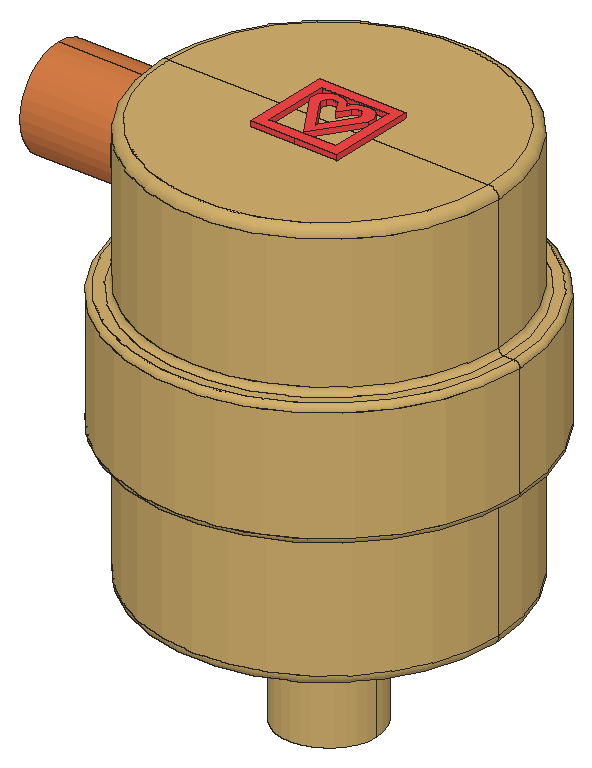
Revit family "Воздухоудалитель с функцией  выпуска воздуха 2630 10", category Rohrzubehör, Revit 2020
Family settings
  Bemaßung runder Anschluss = Durchmesser verwenden
  Teiletyp = Normal
  OmniClass-Nummer = 23.65.55.14
  OmniClass-Titel = Valves for Liquid Services
  Arbeitsebenenbasiert = Nein
  Immer vertikal = Ja
  Beim Laden mit Abzugskörper schneiden = Nein
  Gemeinsam genutzt = Nein
Parameters
  Поплавок = "Полипропилен"  # constant formula
  Номер заказа [instance] = if(Nennweite = 10.000 mm, 1263010, 0)  # 1263010
  Vorgabe-Ansicht = 0.000 mm
  SCRNSEQ = "AWI;AWI_TYP=\"1013\";1"
  SCRNCODE = "05;14;01"  # constant formula
  S03 = 24.500 mm  # constant formula
  S02 = 11.000 mm  # constant formula
  S01 = 56.000 mm  # constant formula
  Мин. рабочая температура = 0 °C  # constant formula
  Макс. давление на корпусе = 1000000.0 Pa  # constant formula
  Макс. рабочая температура = 110 °C  # constant formula
  URL = "www.herz-armaturen.ru"
  R02 = 0.600 mm  # constant formula
  R01 = 1.000 mm  # constant formula
  Nennweite [instance] = 10.000 mm  # constant formula
  Среда = "Качество  теплоносителя в соответствии с ÖNORM H5195 и/или предписаниями VDI-Standard 2035.\nРазрешается использование смеси этилен или пропиленгликоля в соотношении 25-50% с водой. Прокладки EPDM могут быть подвержены воздействию минеральных смазочных масел, что может служить причиной выхода из строя данных уплотнений. Пожалуйста, обратитесь к документации производителя, при использовании этиленгликоля и пропиленгликоля в целях защиты от замерзания."
  Макс. рабочее давление = 1000000.0 Pa  # constant formula
  L04 = L02 - L03  # 18.800 mm
  L03 = 9.500 mm  # constant formula
  L02 = 28.300 mm  # constant formula
  L01 = 4.000 mm  # constant formula
  Hersteller = "Herz-Armaturen GmbH"  # constant formula
  H08 = H00 - 1.000 mm  # 55.000 mm
  H07 = H00 - 7.500 mm  # 48.500 mm
  H06 = 2.500 mm  # constant formula
  H05 = 9.000 mm  # constant formula
  H04 = 14.500 mm  # constant formula
  H03 = 15.500 mm  # constant formula
  H02 = 13.000 mm  # constant formula
  H01 = 9.500 mm  # constant formula
  H00 = 56.000 mm  # constant formula
  Корпус = "штампованная латунь в соответствии с EN 12165, CW617N"  # constant formula
  G1 [instance] = Nennweite / 2  # 5.000 mm
  Уплотнение = "EPDM"  # constant formula
  Крышка корпуса = "штампованная латунь в соответствии с EN 12165, CW617N"  # constant formula
  D06 = 3.400 mm  # constant formula
  D05 = 5.100 mm  # constant formula
  D04 = 12.500 mm  # constant formula
  D03 = 11.000 mm  # constant formula
  D02 = 20.000 mm  # constant formula
  D01 = 17.800 mm  # constant formula
  Наружная резьба подключения = "в соответствии с ISO 228"  # constant formula
  Область применения = "Воздухоотводчик используется для удаления воздуха в системах отопления и холодоснабжения. Клапаны должны быть размещены рядом с котлом или же в самых высоких точках системы, чтобы обеспечить удаление воздуха из системы."
  Колпачок = "ABS пластик, цвет красный"  # constant formula
Reference planes
  plane 1 "Mitte (Vorne/hinten)": y = 0
  plane 2: z = 0
  plane 3 "Mitte (Links/rechts)": x = 0
Forms (mm)
  Revolve 1, solid, material "Messing", detail levels fine
    sketch origin (0, 0, 0) x (1, 0, 0) y (0, 0, 1)
      loop
        line (0, 56) -> (-16.8, 56)
        arc (-16.8, 56) -> (-17.507, 55.707) -> (-17.8, 55) r 1
        line (-17.8, 55) -> (-17.8, 41.1)
        arc (-17.8, 41.1) -> (-17.976, 40.676) -> (-18.4, 40.5) r 0.6
        line (-18.4, 40.5) -> (-19.4, 40.5)
        arc (-19.4, 40.5) -> (-19.824, 40.324) -> (-20, 39.9) r 0.6
        line (-20, 39.9) -> (-20, 28.1)
        arc (-20, 28.1) -> (-19.824, 27.676) -> (-19.4, 27.5) r 0.6
        line (-19.4, 27.5) -> (-18.4, 27.5)
        arc (-18.4, 27.5) -> (-17.976, 27.324) -> (-17.8, 26.9) r 0.6
        line (-17.8, 26.9) -> (-17.8, 14)
        arc (-17.8, 14) -> (-17.507, 13.293) -> (-16.8, 13) r 1
        line (-16.8, 13) -> (-13.8, 13) -> (-9, 9.5) -> (-5, 9.5) -> (-5, 0) -> (0, 0) -> (0, 56)
      axis (0, 56) -> (0, 0)
    angle from 0 to 360
  Revolve 2, solid, material "Messing", detail levels fine
    sketch origin (0, 0, 0) x (1, 0, 0) y (0, 0, 1)
      loop
        line (0, 48.5) -> (0, 51.9) -> (-18.8, 51.9) -> (-18.8, 48.5) -> (0, 48.5)
      axis (-18.8, 48.5) -> (0, 48.5)
    angle from 0 to 360
  Revolve 3, solid, material "Kunststoff-Orange", detail levels fine
    sketch origin (0, 0, 0) x (1, 0, 0) y (0, 0, 1)
      loop
        line (-28.3, 48.5) -> (-18.8, 48.5) -> (-18.8, 53.6) -> (-28.3, 53.6) -> (-28.3, 48.5)
      axis (-28.3, 48.5) -> (-18.8, 48.5)
    angle from 0 to 360
Lines and regions (mm)
  model lines, detail levels coarse+medium
    curve 1: line (0, 0, 56) -> (-12.587, 0, 43.413)
    curve 2: line (0, 0, 56) -> (12.587, 0, 43.413)
    curve 3: circle (0, 0, 31.5) r 11 normal (0, -1, 0)
    curve 4: line (0, 0, 42.5) -> (0, 0, 56)
    curve 5: line (0, 0, 20.5) -> (0, 0, 0)
    curve 6: line (0, 0, 56) -> (0, -12.587, 43.413)
    curve 7: line (0, 0, 56) -> (0, 12.587, 43.413)
    curve 8: circle (0, 0, 31.5) r 11 normal (1, 0, 0)
    curve 9: line (0, 56, 0) -> (-12.587, 43.413, 0)
    curve 10: line (0, 56, 0) -> (12.587, 43.413, 0)
    curve 11: circle (0, 31.5, 0) r 11 normal (0, 0, 1)
    curve 12: line (0, 42.5, 0) -> (0, 56, 0)
    curve 13: line (0, 20.5, 0) -> (0, 0, 0)
Dimensions and locks
  "H02": Revolve 1 sketch curve to Revolve 1 sketch curve
  "H03": Revolve 1 sketch curve to Revolve 1 sketch curve
  "H04": Revolve 1 sketch curve to Revolve 1 sketch curve
  "L01": Revolve 1 sketch curve to Revolve 1 sketch curve  (x2)
  "D01": Revolve 1 sketch curve to Revolve 1 sketch curve  (x2)
  "D02": Revolve 1 sketch curve to Revolve 1 sketch curve
  "H07": Revolve 2 sketch curve to plane 2
  "D06": Revolve 2 sketch curve to Revolve 2 sketch curve
  "L02": plane 3 "Mitte (Links/rechts)" to Revolve 3 sketch curve
  "L03": Revolve 3 sketch curve to Revolve 3 sketch curve
  "D05": Revolve 3 sketch curve to Revolve 3 sketch curve
  "H07": Revolve 3 sketch curve to plane 2
  "L04": plane 3 "Mitte (Links/rechts)" to Revolve 2 sketch curve
  "H08": nested 1 to plane 2
  "G1": Revolve 1 sketch curve to Revolve 1 sketch curve
  "H00": Revolve 1 sketch curve to Revolve 1 sketch curve
  "H01": Revolve 1 sketch curve to Revolve 1 sketch curve
  "S01": curve 2 to plane 2
  "D01": curve 1 to curve 4
  "D01": curve 2 to curve 2
  "S03": curve 4 to curve 3
  "D01": curve 6 to curve 6
  "D01": curve 7 to curve 7
  "S03": curve 7 to curve 8
  "S01": curve 7 to plane 2
  "S01": plane 1 "Mitte (Vorne/hinten)" to curve 12
  "S03": curve 12 to curve 11
  "D01": curve 9 to curve 9
  "D01": curve 10 to curve 10
  "R01": radius of Revolve 1 sketch curve  (x2)
  "R02": radius of Revolve 1 sketch curve  (x4)
  "S02": radius of curve 3
  "S02": radius of curve 8
  "S02": radius of curve 11
  angle curve 1 to curve 4 = 45.00°
  angle curve 4 to curve 2 = 45.00°
  angle curve 6 to plane 1 "Mitte (Vorne/hinten)" = 45.00°
  angle plane 1 "Mitte (Vorne/hinten)" to curve 7 = 45.00°
  angle curve 9 to curve 12 = 45.00°
  angle curve 12 to curve 10 = 45.00°
  aligned and locked: level to plane 2
Automatic sketch dimensions
  curve 7 to plane 1 "Mitte (Vorne/hinten)" = 0.000 mm
  curve 8 to plane 1 "Mitte (Vorne/hinten)" = 0.000 mm
  curve 1 to plane 3 "Mitte (Links/rechts)" = 0.000 mm
  curve 5 to plane 3 "Mitte (Links/rechts)" = 0.000 mm
  curve 3 to plane 3 "Mitte (Links/rechts)" = 0.000 mm
  curve 5 to level = 0.000 mm
  curve 9 to plane 3 "Mitte (Links/rechts)" = 0.000 mm
  curve 13 to plane 3 "Mitte (Links/rechts)" = 0.000 mm
  curve 11 to plane 3 "Mitte (Links/rechts)" = 0.000 mm
  plane 1 "Mitte (Vorne/hinten)" to curve 13 = 0.000 mm
  Revolve 1 sketch curve to level = 0.000 mm
  Revolve 1 sketch curve to plane 3 "Mitte (Links/rechts)" = 0.000 mm
  plane 3 "Mitte (Links/rechts)" to Revolve 1 sketch curve = 0.000 mm
  Revolve 1 sketch curve to Revolve 1 sketch curve = 2000.000 mm
  Revolve 1 sketch curve to Revolve 1 sketch curve = 1932.500 mm
  Revolve 2 sketch curve to plane 3 "Mitte (Links/rechts)" = 0.000 mm  (x2)
  Revolve 2 sketch curve to Revolve 2 sketch curve = 0.000 mm  (x2)
  Revolve 3 sketch curve to Revolve 3 sketch curve = 0.000 mm  (x3)
Nested families
  nested 1: "Herz-Logo" at (0, 0, 55), type "Herz-Logo", detail levels fine
Connectors
  piping at (0, 0, 0), diameter 10, driven by "Nennweite"
    settings: on Revolve 1, index 1, connector inside diameter 609.6 mm, connector length 0.000 mm, flow factor 0, pipe flow 0.0 L/s, pressure drop 0.0 Pa, fitting loss kfactor 0, connector angle 0.00°, fixture units 0, engagement length 0.000 mm, angle of deflection 0.00°, flow configuration 0, flow direction 1, fitting loss method 0, system type 29, joint type 0, gender type 0, connector reference index -1, connector utility 0, adjustable connector no, is connector primary yes, connector description ""
Definition of nested family "Herz-Logo"
  Parameters (values of type "Herz-Logo")
    Default Elevation = 0.000 mm
  Reference planes
    plane 1 "Mitte (Vorne/hinten)": y = 0
    plane 2: z = 0
    plane 3 "Mitte (Links/rechts)": x = 0
  Forms (mm)
    Extrusion 1, solid
      sketch origin (0, 0, 0) x (1, 0, 0) y (0, 1, 0)
        loop
          line (-0.018, -4.517) -> (4.482, -4.517) -> (4.482, 4.483) -> (-4.518, 4.483) -> (-4.518, -4.517) -> (-0.018, -4.517)
        loop
          line (-0.05, -3.48) -> (3.482, -3.48) -> (3.482, 3.483) -> (-3.518, 3.483) -> (-3.518, -3.48) -> (-0.05, -3.48)
        loop
          arc (-0.018, 2.383) -> (-1.543, 3.287) -> (-3.067, 2.383) r 1.738
          arc (-3.067, 2.383) -> (-3.191, 1.899) -> (-3.067, 1.415) r 1.009
          line (-3.067, 1.415) -> (-0.018, -3.281) -> (3.032, 1.415)
          arc (3.032, 1.415) -> (3.156, 1.899) -> (3.032, 2.383) r 1.009
          arc (3.032, 2.383) -> (1.507, 3.287) -> (-0.018, 2.383) r 1.738
        loop
          arc (1.885, 1.272) -> (2.005, 1.675) -> (1.885, 2.079) r 0.74
          arc (1.885, 2.079) -> (1.265, 2.416) -> (0.644, 2.079) r 0.74
          line (0.644, 2.079) -> (-0.018, 0.97) -> (-0.679, 2.079)
          arc (-0.679, 2.079) -> (-1.3, 2.416) -> (-1.921, 2.079) r 0.74
          arc (-1.921, 2.079) -> (-2.04, 1.675) -> (-1.921, 1.272) r 0.74
          line (-1.921, 1.272) -> (-0.018, -1.658) -> (1.885, 1.272)
      from 0 to 1.5
  Dimensions and locks
    aligned and locked: level to plane 2
